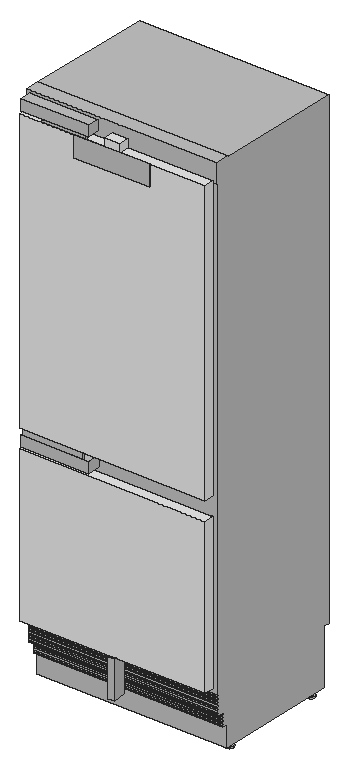
Revit family "FP_Revit_18_RS3084WLU1_Fridge_90001081A", category Specialty Equipment, Revit 2018
Family settings
  Round Connector Dimension = Use Diameter
  Part Type = Normal
  OmniClass Number = 23.40.40.11.11
  OmniClass Title = Refrigerators and Freezers
  Work Plane-Based = No
  Always vertical = Yes
  Cut with Voids When Loaded = Yes
  Shared = No
  Room Calculation Point = No
Parameters (values of type "RS3084WLU1")
  Visibility - Water Connection = yes
  Visibility - Visibility Control Note = yes
  Visibility - Clearance Required = yes
  URL = "www.fisherpaykel.com"
  Stainless Steel Door Panels (RD3084WLD) = no
  Product - Width = 756 mm  # constant formula
  Product - Height = 2134 mm  # constant formula
  Product - Depth (exl front panel) = 610 mm  # constant formula
  Model = "RS3084WLU1"
  Material - Handle = Fisher & Paykel - Aluminium
  Material - Door Structure = Fisher & Paykel - White
  Material - Door Front = Fisher & Paykel - Stainless Steel
  Material - Body = Fisher & Paykel - Grey
  Manufacturer = "Fisher & Paykel Appliances"
  Handle Style - Professional Square (AHV2RD3084W) = no
  Handle Style - Professional Round Flush (AHP3RD3084W) = no
  Handle Style - Professional Round (AHCRD3084W) = no
  Handle Style - Contemporary Square Fine Black (AHD5RD3084WB) = no
  Handle Style - Contemporary Square Fine (AHD5RD3084W) = no
  Handle Style - Contemporary Square (AHD3RD3084W) = no
  Handle Style - Contemporary Round (AHSRD3084W) = no
  Description = "30\" Integrated Column Freezer with internal Ice & Water, White Interior"
  Connector Description - Water = "1/4\" (6mm) comp. stainless steel braided hose"
  Connector Description - Electrical = "120 V, 10 amp fused electrical supply"
  Cavity - Width = 762 mm  # constant formula
  Cavity - Height = 2134 mm  # constant formula
  Cavity - Depth = 635 mm  # constant formula
Reference planes
  plane 1 "Datum": y = 0
  plane 2: z = 0
  plane 3 "Center (Left/Right)": x = 0
  plane 4 "Product LHS": x = -378
  plane 5 "Product RHS": x = 378
  plane 6 "Product - Depth": y = 610
  plane 7 "Cavity LHS": x = -381
  plane 8 "Cavity RHS": x = 381
  plane 9 "Cavity - Depth": y = 635
  plane 10 "Handle Offset": x = 315
  plane 11 "Product Height": z = 2134
  plane 12 "Cavity Height": z = 2134
  plane 13 "Door Panel Datum": y = -4.1
Forms (mm)
  Extrusion 1, solid, material "Fisher & Paykel - Grey" <- "Material - Body", detail levels fine
    sketch origin (0, 0, 0) x (0, 1, 0) y (0, 0, 1)
      loop
        line (100.1, 19.1) -> (587.9, 19.1) -> (587.9, 239.7) -> (610, 239.7) -> (610, 2132.3) -> (105.1, 2132.3) -> (105.1, 2134) -> (49.9, 2134) -> (49.9, 2059) -> (56, 2059) -> (56, 228.6) -> (59.5, 228.6) -> (59.5, 219.7) -> (56.5, 219.7) -> (56.5, 215.9) -> (59.5, 215.9) -> (59.5, 207) -> (56.5, 207) -> (56.5, 203.2) -> (59.5, 203.2) -> (59.5, 194.3) -> (56.5, 194.3) -> (56.5, 190.5) -> (59.5, 190.5) -> (59.5, 181.6) -> (56.5, 181.6) -> (56.5, 177.8) -> (59.5, 177.8) -> (59.5, 168.9) -> (56.5, 168.9) -> (56.5, 165.1) -> (59.5, 165.1) -> (59.5, 156.2) -> (56.5, 156.2) -> (56.5, 152.4) -> (84.1, 152.4) -> (84.1, 143.5) -> (81.1, 143.5) -> (81.1, 139.7) -> (84.1, 139.7) -> (84.1, 130.8) -> (81.1, 130.8) -> (81.1, 127) -> (84.1, 127) -> (84.1, 118.1) -> (81.1, 118.1) -> (81.1, 114.3) -> (84.1, 114.3) -> (84.1, 105.4) -> (81.1, 105.4) -> (81.1, 101.6) -> (100.1, 101.6) -> (100.1, 19.1)
    from -378 to 378
  Extrusion 2, solid, material "Fisher & Paykel - Grey" <- "Material - Body"
    sketch origin (0, 0, 0) x (1, 0, 0) y (0, 1, 0)
      loop
        circle (-357.5, 547.8) r 4.1
      loop
        circle (-357.5, 141.8) r 4.1
      loop
        circle (357.5, 547.8) r 4.1
      loop
        circle (357.5, 141.8) r 4.1
    from 3 to 19.1
  Extrusion 3, solid, material "Fisher & Paykel - Grey" <- "Material - Body"
    sketch origin (0, 0, 0) x (1, 0, 0) y (0, 1, 0)
      loop
        circle (-357.5, 547.8) r 14.5
      loop
        circle (-357.5, 141.8) r 14.555
      loop
        circle (357.5, 547.8) r 14.5
      loop
        circle (357.5, 141.8) r 14.555
    from 0 to 3
  Extrusion 4, solid, material "Fisher & Paykel - Grey" <- "Material - Body", detail levels fine
    sketch origin (0, 0, 0) x (1, 0, 0) y (0, 1, 0)
      loop
        line (-7.5, 49) -> (-13.797, -4.1) -> (13.797, -4.1) -> (7.5, 49) -> (-7.5, 49)
    from 104.2 to 253.8
  Extrusion 5, solid, material "Fisher & Paykel - Grey" <- "Material - Body", detail levels fine
    sketch origin (0, 0, 0) x (0, 1, 0) y (0, 0, 1)
      loop
        line (0, 2070.6) -> (0, 1988.6) -> (2, 1988.6) -> (2, 2068.6) -> (4, 2068.6) -> (4, 2070.6) -> (0, 2070.6)
    from -150 to 150
  Extrusion 6, solid, material "Fisher & Paykel - Grey" <- "Material - Body"
    sketch origin (0, 0, 0) x (1, 0, 0) y (0, 0, 1)
      loop
        circle (303, 119.813) r 5
      loop
        circle (-303, 119.813) r 5
    from -590 to -587.9
  Extrusion 7, solid, material "Fisher & Paykel - White" <- "Material - Door Structure"
    sketch origin (0, 0, 0) x (1, 0, 0) y (0, 1, 0)
      loop
        line (-353, 56) -> (-353, 42) -> (353, 42) -> (353, 56) -> (-353, 56)
    from 951.3 to 2030.7
  Extrusion 8, solid, material "Fisher & Paykel - White" <- "Material - Door Structure"
    sketch origin (0, 0, 0) x (1, 0, 0) y (0, 1, 0)
      loop
        line (-369.4, 42) -> (-369.4, 3) -> (369.4, 3) -> (369.4, 42) -> (-369.4, 42)
    from 943.8 to 2068.6
  Extrusion 9, solid, material "Fisher & Paykel - White" <- "Material - Door Structure", detail levels fine
    sketch origin (0, 0, 0) x (1, 0, 0) y (0, 0, 1)
      loop
        line (-29.5, 2100.1) -> (-29.5, 2068.6) -> (29.5, 2068.6) -> (29.5, 2100.1) -> (-29.5, 2100.1)
    from -42 to -3
  Extrusion 10, solid, material "Fisher & Paykel - Stainless Steel" <- "Material - Door Front", visible <- "Stainless Steel Door Panels (RD3084WLD)"
    sketch origin (0, 0, 0) x (0, 1, 0) y (0, 0, 1)
      loop
        line (-22.1, 2130.8) -> (-22.1, 876.3) -> (-4.1, 876.3) -> (-4.1, 2130.8) -> (-22.1, 2130.8)
      loop
        line (-22.1, 102) -> (-4.1, 102) -> (-4.1, 873.1) -> (-22.1, 873.1) -> (-22.1, 102)
    from -378 to 378
  Extrusion 11, solid, material "Fisher & Paykel - Grey" <- "Material - Body", detail levels coarse+medium
    sketch origin (0, 0, 0) x (0, 1, 0) y (0, 0, 1)
      loop
        line (49.9, 2134) -> (49.9, 2059) -> (56, 2059) -> (56, 152.4) -> (81.1, 152.4) -> (81.1, 101.6) -> (100.1, 101.6) -> (100.1, 19.1) -> (587.9, 19.1) -> (587.9, 239.7) -> (610, 239.7) -> (610, 2134) -> (49.9, 2134)
    from -378 to 378
  Extrusion 12, solid, material "Fisher & Paykel - Grey" <- "Material - Body", detail levels fine
    sketch origin (0, 0, 0) x (-1, 0, 0) y (0, 0, -1)
      loop
        line (366.4, -877.25) -> (95.42, -877.25) -> (95.42, -919.35) -> (366.4, -919.35) -> (366.4, -877.25)
    from -56 to -2.5
  Extrusion 13, solid, material "Fisher & Paykel - Grey" <- "Material - Body", detail levels fine
    sketch origin (0, 0, 0) x (-1, 0, 0) y (0, 0, -1)
      loop
        line (366.4, -2123.15) -> (366.4, -2081.05) -> (95.42, -2081.05) -> (95.42, -2123.15) -> (366.4, -2123.15)
    from -49 to -2.5
  Extrusion 14, solid, material "Fisher & Paykel - Grey" <- "Material - Body", detail levels fine
    sketch origin (0, 0, -4) x (0, 1, 0) y (0, 0, 1)
      loop
        arc (163.888, 23.1) -> (180.4, 13.63) -> (196.912, 23.1) r 19.13
        line (196.912, 23.1) -> (163.888, 23.1)
      loop
        arc (493.888, 23.1) -> (510.4, 13.63) -> (526.912, 23.1) r 19.13
        line (526.912, 23.1) -> (493.888, 23.1)
    from 191 to 219
  Extrusion 15, solid, material "Fisher & Paykel - Grey" <- "Material - Body", detail levels fine
    sketch origin (0, 0, -4) x (0, 1, 0) y (0, 0, -1)
      loop
        line (163.888, -23.1) -> (196.912, -23.1)
        arc (196.912, -23.1) -> (180.4, -13.63) -> (163.888, -23.1) r 19.13
      loop
        line (493.888, -23.1) -> (526.912, -23.1)
        arc (526.912, -23.1) -> (510.4, -13.63) -> (493.888, -23.1) r 19.13
    from 191 to 219
  Extrusion 16, solid, material "Fisher & Paykel - Clearance Required", visible <- "Visibility - Clearance Required", detail levels coarse
    sketch origin (0, 0, 0) x (1, 0, 0) y (0, 1, 0)
      loop
        line (-381, 635) -> (-381, -4.1) -> (381, -4.1) -> (381, 635) -> (-381, 635)
    from 0 to 2134
  Extrusion 17, void
    sketch origin (0, 0, 0) x (1, 0, 0) y (0, 1, 0)
      loop
        line (-381, 635) -> (-381, -22.1) -> (381, -22.1) -> (381, 635) -> (-381, 635)
    from 0 to 2134
  Extrusion 18, solid, material "Fisher & Paykel - Grey" <- "Material - Body", detail levels fine
    sketch origin (0, 0, 0) x (-1, 0, 0) y (0, 0, -1)
      loop
        line (118.4, -943.8) -> (359.4, -943.8) -> (359.4, -919.35) -> (118.4, -919.35) -> (118.4, -943.8)
      loop
        line (106, -2081.05) -> (242.9, -2081.05) -> (282.9, -2076.05) -> (282.9, -2068.6) -> (106, -2068.6) -> (106, -2081.05)
    from -7 to -4
  Extrusion 19, solid, material "Fisher & Paykel - White" <- "Material - Door Structure"
    sketch origin (0, 0, 0) x (1, 0, 0) y (0, 1, 0)
      loop
        line (-369.4, 42) -> (-369.4, 3) -> (369.4, 3) -> (369.4, 42) -> (-369.4, 42)
    from 253.8 to 868.15
  Extrusion 20, solid, material "Fisher & Paykel - White" <- "Material - Door Structure"
    sketch origin (0, 0, 0) x (1, 0, 0) y (0, 1, 0)
      loop
        line (-353, 56) -> (-353, 42) -> (353, 42) -> (353, 56) -> (-353, 56)
    from 269.2 to 858.13
  Extrusion 21, solid, material "Fisher & Paykel - Clearance Required", visible <- "Visibility - Clearance Required", detail levels coarse
    sketch origin (0, 0, 0) x (0, 1, 0) y (0, 0, 1)
      loop
        line (-422.1, 873.1) -> (-422.1, 818.896) -> (-482.1, 818.896) -> (-482.1, 781.896) -> (-422.1, 781.896) -> (-422.1, 101.6) -> (-22.1, 101.6) -> (-22.1, 873.1) -> (-422.1, 873.1)
    from -381 to 381
  Extrusion 22, solid, material "Fisher & Paykel - Clearance Required", visible <- "Visibility - Clearance Required", detail levels coarse
    sketch origin (0, -0.697, 0) x (-1, 0, 0) y (0, -1, 0)
      loop
        line (301.5, 21.403) -> (378, 21.403)
        arc (378, 21.403) -> (380.992, 56.377) -> (415.915, 59.919) r 27.5
        line (415.915, 59.919) -> (697.006, 664.698) -> (723.252, 652.5)
        arc (723.252, 652.5) -> (747.815, 661.439) -> (738.875, 686.002) r 18.483
        line (738.875, 686.002) -> (712.602, 698.253) -> (734.604, 745.593)
        arc (734.604, 745.593) -> (-22.015, 691.254) -> (-378, 21.403) r 783.517
        line (-378, 21.403) -> (301.5, 21.403)
    from 876.3 to 2134
Lines and regions (mm)
  model lines, style "Fisher & Paykel"
    curve 1: line (-378, -4.1, 2130.8) -> (378, -4.1, 2130.8)
    curve 2: line (-378, -4.1, 876.3) -> (-378, -4.1, 2130.8)
    curve 3: line (378, -4.1, 876.3) -> (-378, -4.1, 876.3)
    curve 4: line (378, -4.1, 2130.8) -> (378, -4.1, 876.3)
    curve 5: line (378, -4.1, 873.1) -> (-378, -4.1, 873.1)
    curve 6: line (378, -4.1, 102) -> (378, -4.1, 873.1)
    curve 7: line (-378, -4.1, 102) -> (378, -4.1, 102)
    curve 8: line (-378, -4.1, 873.1) -> (-378, -4.1, 102)
Text (mm)
  text "Due to ongoing product development, product details are subject to change without notice. \nPlease always refer to www.fisherpaykel.com for the most current product information. \n© Fisher & Paykel 2020" at (41.04, -878.295, 0), in view "Ref. Level (Plan)"
Dimensions and locks
  equal spacing: plane 4 "Product LHS", plane 3 "Center (Left/Right)", plane 5 "Product RHS"
  "Product - Width": plane 4 "Product LHS" to plane 5 "Product RHS"
  "Product - Depth (exl front panel)": plane 1 "Datum" to plane 6 "Product - Depth"
  equal spacing: plane 7 "Cavity LHS", plane 3 "Center (Left/Right)", plane 8 "Cavity RHS"
  "Cavity - Width": plane 7 "Cavity LHS" to plane 8 "Cavity RHS"
  "Cavity - Depth": plane 9 "Cavity - Depth" to plane 1 "Datum"
  plane 4 "Product LHS" to Extrusion 2 sketch curve = 24.6 mm
  plane 4 "Product LHS" to plane 10 "Handle Offset" = 693 mm
  Extrusion 6 sketch curve to Extrusion 1 = 119.887 mm  (x2)
  Extrusion 6 sketch curve to plane 5 "Product RHS" = 75 mm
  plane 4 "Product LHS" to Extrusion 6 sketch curve = 75 mm
  Extrusion 1 sketch curve to Extrusion 1 sketch curve = 82.5 mm
  Extrusion 1 sketch curve to Extrusion 1 sketch curve = 209.5 mm
  Extrusion 1 sketch curve to Extrusion 1 sketch curve = 220.6 mm
  Extrusion 3 to level = 3 mm
  Extrusion 11 to Extrusion 8 = 924.7 mm
  Extrusion 11 to Extrusion 7 = 932.2 mm
  Extrusion 11 to Extrusion 11 = 2114.9 mm
  Extrusion 11 to Extrusion 10 = 82.9 mm
  "Product - Height": level to plane 11 "Product Height"
  plane 11 "Product Height" to Extrusion 10 = 3.2 mm
  Extrusion 8 to plane 11 "Product Height" = 65.4 mm
  Extrusion 7 to plane 11 "Product Height" = 103.3 mm
  Extrusion 11 sketch curve to plane 11 "Product Height" = 75 mm
  Extrusion 1 sketch curve to plane 11 "Product Height" = 1.7 mm
  Extrusion 1 sketch curve to plane 11 "Product Height" = 75 mm
  "Cavity - Height": plane 12 "Cavity Height" to level
  plane 1 "Datum" to Extrusion 16 = 635 mm
  plane 1 "Datum" to Extrusion 17 = 635 mm
  Extrusion 18 sketch curve to Extrusion 18 sketch curve = 40 mm
  Extrusion 18 sketch curve to Extrusion 18 sketch curve = 176.9 mm
  plane 3 "Center (Left/Right)" to Extrusion 18 sketch curve = 106 mm
  plane 3 "Center (Left/Right)" to Extrusion 18 sketch curve = 118.4 mm
  Extrusion 17 to level = 2134 mm
  Extrusion 1 to Extrusion 12 sketch curve = 282.58 mm
  Extrusion 1 to Extrusion 13 sketch curve = 282.58 mm
  radius of Extrusion 6 sketch curve = 5 mm
  aligned and locked: level to plane 2
  aligned and locked: Extrusion 10 to plane 5 "Product RHS"
  aligned and locked: plane 4 "Product LHS" to Extrusion 10
  aligned and locked: Extrusion 11 to plane 5 "Product RHS"
  aligned and locked: Extrusion 11 to plane 4 "Product LHS"
  aligned and locked: Extrusion 11 sketch curve to plane 11 "Product Height"
  aligned and locked: plane 11 "Product Height" to Extrusion 1 sketch curve
  aligned and locked: Extrusion 14 sketch curve to Extrusion 14 sketch curve
  aligned and locked: Extrusion 15 sketch curve to Extrusion 15 sketch curve
  aligned and locked: Extrusion 1 to plane 5 "Product RHS"
  aligned and locked: plane 4 "Product LHS" to Extrusion 1
  aligned and locked: nested 2 to plane 10 "Handle Offset"
  aligned and locked: nested 3 to plane 10 "Handle Offset"
  aligned and locked: nested 4 to plane 10 "Handle Offset"
  aligned and locked: nested 5 to plane 10 "Handle Offset"
  aligned and locked: nested 6 to plane 10 "Handle Offset"
  aligned and locked: nested 7 to plane 10 "Handle Offset"
  aligned and locked: nested 8 to plane 10 "Handle Offset"
Automatic sketch dimensions
  Extrusion 1 sketch curve to plane 6 "Product - Depth" = 0 mm
  Extrusion 1 sketch curve to Extrusion 1 sketch curve = 22.1 mm
  Extrusion 1 sketch curve to plane 1 "Datum" = 105.1 mm
  level to Extrusion 1 sketch curve = 19.1 mm
  Extrusion 1 sketch curve to plane 1 "Datum" = 100.1 mm
  Extrusion 1 sketch curve to Extrusion 1 sketch curve = 16 mm
  Extrusion 1 sketch curve to Extrusion 1 sketch curve = 0 mm  (x8)
  Extrusion 1 sketch curve to Extrusion 1 sketch curve = 3 mm  (x10)
  Extrusion 1 sketch curve to plane 1 "Datum" = 59.5 mm
  Extrusion 1 sketch curve to plane 1 "Datum" = 56 mm
  Extrusion 1 sketch curve to plane 1 "Datum" = 49.9 mm
  Extrusion 1 sketch curve to Extrusion 1 sketch curve = 3.8 mm  (x10)
  Extrusion 1 sketch curve to Extrusion 1 sketch curve = 8.9 mm  (x9)
  Extrusion 2 sketch curve to plane 4 "Product LHS" = 20.5 mm  (x2)
  plane 5 "Product RHS" to Extrusion 2 sketch curve = 20.5 mm  (x2)
  Extrusion 2 sketch curve to plane 1 "Datum" = 141.8 mm  (x2)
  Extrusion 2 sketch curve to plane 6 "Product - Depth" = 62.2 mm  (x2)
  Extrusion 3 sketch curve to plane 4 "Product LHS" = 20.5 mm  (x2)
  plane 5 "Product RHS" to Extrusion 3 sketch curve = 20.5 mm  (x2)
  Extrusion 3 sketch curve to plane 1 "Datum" = 141.8 mm  (x2)
  Extrusion 3 sketch curve to plane 6 "Product - Depth" = 62.2 mm  (x2)
  plane 1 "Datum" to Extrusion 4 sketch curve = 4.1 mm
  Extrusion 4 sketch curve to plane 3 "Center (Left/Right)" = 13.797 mm
  Extrusion 4 sketch curve to plane 3 "Center (Left/Right)" = 7.5 mm
  plane 3 "Center (Left/Right)" to Extrusion 4 sketch curve = 7.5 mm
  plane 3 "Center (Left/Right)" to Extrusion 4 sketch curve = 13.797 mm
  Extrusion 4 sketch curve to plane 1 "Datum" = 49 mm
  Extrusion 5 sketch curve to plane 1 "Datum" = 0 mm
  Extrusion 5 sketch curve to plane 1 "Datum" = 2 mm
  Extrusion 5 sketch curve to Extrusion 5 sketch curve = 2 mm  (x2)
  plane 11 "Product Height" to Extrusion 5 sketch curve = 145.4 mm
  plane 11 "Product Height" to Extrusion 5 sketch curve = 65.4 mm
  Extrusion 7 sketch curve to plane 4 "Product LHS" = 25 mm
  plane 5 "Product RHS" to Extrusion 7 sketch curve = 25 mm
  Extrusion 7 sketch curve to plane 1 "Datum" = 42 mm
  Extrusion 7 sketch curve to Extrusion 7 sketch curve = 14 mm
  Extrusion 8 sketch curve to plane 1 "Datum" = 3 mm
  Extrusion 8 sketch curve to plane 4 "Product LHS" = 8.6 mm
  plane 5 "Product RHS" to Extrusion 8 sketch curve = 8.6 mm
  Extrusion 8 sketch curve to Extrusion 8 sketch curve = 39 mm
  Extrusion 9 sketch curve to plane 3 "Center (Left/Right)" = 29.5 mm
  plane 3 "Center (Left/Right)" to Extrusion 9 sketch curve = 29.5 mm
  plane 11 "Product Height" to Extrusion 9 sketch curve = 65.4 mm
  Extrusion 9 sketch curve to Extrusion 9 sketch curve = 31.5 mm
  Extrusion 11 sketch curve to plane 6 "Product - Depth" = 0 mm
  Extrusion 11 sketch curve to plane 6 "Product - Depth" = 22.1 mm
  Extrusion 11 sketch curve to plane 1 "Datum" = 100.1 mm
  Extrusion 11 sketch curve to Extrusion 11 sketch curve = 19 mm
  Extrusion 11 sketch curve to plane 1 "Datum" = 56 mm
  Extrusion 11 sketch curve to plane 1 "Datum" = 49.9 mm
  level to Extrusion 11 sketch curve = 239.7 mm
  level to Extrusion 11 sketch curve = 152.4 mm
  Extrusion 11 sketch curve to Extrusion 11 sketch curve = 50.8 mm
  level to Extrusion 11 sketch curve = 19.1 mm
  plane 4 "Product LHS" to Extrusion 12 sketch curve = 11.6 mm
  Extrusion 12 sketch curve to level = 877.25 mm
  Extrusion 12 sketch curve to Extrusion 12 sketch curve = 42.1 mm
  plane 4 "Product LHS" to Extrusion 13 sketch curve = 11.6 mm
  Extrusion 13 sketch curve to plane 11 "Product Height" = 52.95 mm
  Extrusion 13 sketch curve to plane 11 "Product Height" = 10.85 mm
  level to Extrusion 14 sketch curve = 19.1 mm
  Extrusion 14 sketch curve to plane 1 "Datum" = 163.888 mm
  Extrusion 14 sketch curve to Extrusion 14 sketch curve = 16.512 mm  (x2)
  Extrusion 14 sketch curve to plane 6 "Product - Depth" = 116.112 mm
  Extrusion 14 sketch curve to Extrusion 14 sketch curve = 9.66 mm  (x2)
  level to Extrusion 15 sketch curve = 19.1 mm
  Extrusion 15 sketch curve to plane 1 "Datum" = 163.888 mm
  Extrusion 15 sketch curve to Extrusion 15 sketch curve = 16.512 mm  (x2)
  Extrusion 15 sketch curve to plane 6 "Product - Depth" = 116.112 mm
  Extrusion 15 sketch curve to Extrusion 15 sketch curve = 9.66 mm  (x2)
  Extrusion 16 sketch curve to plane 7 "Cavity LHS" = 0 mm
  Extrusion 16 sketch curve to plane 8 "Cavity RHS" = 0 mm
  Extrusion 16 sketch curve to plane 9 "Cavity - Depth" = 0 mm
  plane 1 "Datum" to Extrusion 16 sketch curve = 4.1 mm
  Extrusion 17 sketch curve to plane 7 "Cavity LHS" = 0 mm
  Extrusion 17 sketch curve to plane 8 "Cavity RHS" = 0 mm
  plane 9 "Cavity - Depth" to Extrusion 17 sketch curve = 0 mm
  plane 1 "Datum" to Extrusion 17 sketch curve = 22.1 mm
  plane 4 "Product LHS" to Extrusion 18 sketch curve = 18.6 mm
  Extrusion 18 sketch curve to level = 919.35 mm
  Extrusion 18 sketch curve to Extrusion 18 sketch curve = 24.45 mm
  Extrusion 18 sketch curve to plane 11 "Product Height" = 65.4 mm
  Extrusion 18 sketch curve to Extrusion 18 sketch curve = 7.45 mm
  Extrusion 18 sketch curve to Extrusion 18 sketch curve = 5 mm
  Extrusion 19 sketch curve to plane 1 "Datum" = 3 mm
  Extrusion 19 sketch curve to plane 4 "Product LHS" = 8.6 mm
  plane 5 "Product RHS" to Extrusion 19 sketch curve = 8.6 mm
  Extrusion 19 sketch curve to Extrusion 19 sketch curve = 39 mm
  Extrusion 20 sketch curve to plane 4 "Product LHS" = 25 mm
  plane 5 "Product RHS" to Extrusion 20 sketch curve = 25 mm
  Extrusion 20 sketch curve to plane 1 "Datum" = 42 mm
  Extrusion 20 sketch curve to Extrusion 20 sketch curve = 14 mm
  plane 1 "Datum" to Extrusion 21 sketch curve = 482.1 mm
  Extrusion 21 sketch curve to Extrusion 21 sketch curve = 60 mm
  Extrusion 21 sketch curve to Extrusion 21 sketch curve = 0 mm
  plane 1 "Datum" to Extrusion 21 sketch curve = 22.1 mm
  level to Extrusion 21 sketch curve = 101.6 mm
  Extrusion 21 sketch curve to Extrusion 21 sketch curve = 680.296 mm
  Extrusion 21 sketch curve to Extrusion 21 sketch curve = 37 mm
  Extrusion 21 sketch curve to Extrusion 21 sketch curve = 54.204 mm
  Extrusion 22 sketch curve to plane 5 "Product RHS" = 0 mm
  Extrusion 22 sketch curve to plane 1 "Datum" = 22.1 mm
  plane 4 "Product LHS" to Extrusion 22 sketch curve = 76.5 mm
  plane 4 "Product LHS" to Extrusion 22 sketch curve = 0 mm
  Extrusion 22 sketch curve to plane 7 "Cavity LHS" = 19.59 mm
  Extrusion 22 sketch curve to Extrusion 22 sketch curve = 4.816 mm
  Extrusion 22 sketch curve to Extrusion 22 sketch curve = 10.509 mm
  Extrusion 22 sketch curve to plane 7 "Cavity LHS" = 316.006 mm
  Extrusion 22 sketch curve to Extrusion 22 sketch curve = 15.596 mm
  Extrusion 22 sketch curve to Extrusion 22 sketch curve = 26.246 mm
  Extrusion 22 sketch curve to Extrusion 22 sketch curve = 7.811 mm  (x2)
  Extrusion 22 sketch curve to Extrusion 22 sketch curve = 22.003 mm
  Extrusion 22 sketch curve to Extrusion 22 sketch curve = 13.185 mm
  Extrusion 22 sketch curve to Extrusion 22 sketch curve = 2.497 mm
  Extrusion 22 sketch curve to Extrusion 22 sketch curve = 93.093 mm
  Extrusion 22 sketch curve to Extrusion 22 sketch curve = 16.751 mm
  Extrusion 22 sketch curve to Extrusion 22 sketch curve = 12.251 mm
  plane 11 "Product Height" to Extrusion 10 sketch curve = 3.2 mm
  plane 1 "Datum" to Extrusion 10 sketch curve = 22.1 mm
  plane 1 "Datum" to Extrusion 10 sketch curve = 4.1 mm  (x2)
  level to Extrusion 10 sketch curve = 102 mm
  Extrusion 10 sketch curve to Extrusion 10 sketch curve = 774.3 mm
  Extrusion 10 sketch curve to Extrusion 10 sketch curve = 3.2 mm
  Extrusion 10 sketch curve to Extrusion 10 sketch curve = 18 mm
  plane 5 "Product RHS" to curve 5 = 0 mm
  plane 5 "Product RHS" to curve 1 = 0 mm
  plane 4 "Product LHS" to curve 5 = 0 mm
  plane 4 "Product LHS" to curve 2 = 0 mm
  level to curve 6 = 102 mm
  curve 6 to curve 6 = 771.1 mm
  curve 5 to curve 2 = 3.2 mm
  plane 11 "Product Height" to curve 2 = 3.2 mm
  radius of Extrusion 2 sketch curve = 4.1 mm  (x3)
  radius of Extrusion 3 sketch curve = 14.5 mm  (x2)
  radius of Extrusion 3 sketch curve = 14.555 mm  (x2)
  radius of Extrusion 6 sketch curve = 5 mm
Nested families
  nested 1: "Visibility Control Note 18" at (0, 0, 0), visible <- "Visibility - Visibility Control Note", type "Visibility Control Note 18"
  nested 2: "Handle Contemporary Round - Vertical" at (315, -22.1, 1322.58), visible <- "Handle Style - Contemporary Round (AHSRD3084W)", type "AHSRD3084W - Contemporary round handle (1 of 2) (Vertical) 727mm"
  nested 3: "Handle Contemporary Square - Vertical" at (315, -22.1, 1322.58), visible <- "Handle Style - Contemporary Square (AHD3RD3084W)", type "AHD3RD3084W - Contemporary square handle (1 of 2) (Vertical) 727mm"
  nested 4: "F&P Handle Kit - Contemporary Square Fine - Vertical" at (315, -22.1, 1322.58), visible <- "Handle Style - Contemporary Square Fine Black (AHD5RD3084WB)", type "AHD5RD3084WB - Contemporary square fine black handle (1 of 2) (Vertical) 727mm"
  nested 5: "F&P Handle Kit - Contemporary Square Fine - Vertical" at (315, -22.1, 1322.58), visible <- "Handle Style - Contemporary Square Fine (AHD5RD3084W)", type "AHD5RD3084W - Contemporary square fine handle (1 of 2) (Vertical) 727mm"
  nested 6: "Handle Professional Round - Vertical" at (315, -22.1, 1322.58), visible <- "Handle Style - Professional Round (AHCRD3084W)", type "AHCRD3084W - Professional round handle (1 of 2) (Vertical) 661mm"
  nested 7: "Handle Professional Round Flush - Vertical" at (315, -22.1, 1322.58), visible <- "Handle Style - Professional Round Flush (AHP3RD3084W)", type "AHP3RD3084W - Professional round flush handle (1 of 2) (Vertical) 677mm"
  nested 8: "Handle Professional Square - Vertical" at (315, -22.1, 1322.58), visible <- "Handle Style - Professional Square (AHV2RD3084W)", type "AHV2RD3084W - Professional square handle (1 of 2) (Vertical) 727mm"
  nested 9: "Handle Contemporary Round - Horizontal" at (0, -22.1, 800.364), visible <- "Handle Style - Contemporary Round (AHSRD3084W)", type "AHSRD3084W - Contemporary round handle (2 of 2) (Horizontal) 646mm"
  nested 10: "Handle Contemporary Square - Horizontal" at (0, -22.1, 800.364), visible <- "Handle Style - Contemporary Square (AHD3RD3084W)", type "AHD3RD3084W - Contemporary square handle (2 of 2) (Horizontal) 646mm"
  nested 11: "F&P Handle Kit - Contemporary Square Fine - Horizontal" at (0, -22.1, 800.364), visible <- "Handle Style - Contemporary Square Fine Black (AHD5RD3084WB)", type "AHD5RD3084WB - Contemporary square fine black handle (2 of 2) (Horizontal) 646mm"
  nested 12: "Handle Professional Round - Horizontal" at (0, -22.1, 800.364), visible <- "Handle Style - Professional Round (AHCRD3084W)", type "AHCRD3084W - Professional round handle (2 of 2) (Horizontal) 580mm"
  nested 13: "Handle Professional Round Flush - Horizontal" at (0, -22.1, 800.364), visible <- "Handle Style - Professional Round Flush (AHP3RD3084W)", type "AHP3RD3084W - Professional round flush handle (2 of 2) (Horizontal) 596mm"
  nested 14: "Handle Professional Square - Horizontal" at (0, -22.1, 800.364), visible <- "Handle Style - Professional Square (AHV2RD3084W)", type "AHV2RD3084W - Professional square handle (2 of 2) (Horizontal) 586mm"
  nested 15: "F&P Handle Kit - Contemporary Square Fine - Horizontal" at (0, -22.1, 800.364), visible <- "Handle Style - Contemporary Square Fine (AHD5RD3084W)", type "AHD5RD3084W - Contemporary square fine handle (2 of 2) (Horizontal) 646mm"
Connectors
  electrical at (-303, 590, 119.813), driven by "Connector Description - Electrical"
    settings: on Extrusion 6, index 1, voltage 120 V, apparent load 0 VA, apparent load phase1 0 VA, apparent load phase2 0 VA, apparent load phase3 0 VA, power factor 1, load classification "Other", number of poles 1, system type 30, power factor state 1, is connector primary yes, connector utility no, sub classification motor no, connector description "120 V, 10 amp fused electrical supply"
  piping at (303, 590, 119.813), diameter 12.7, driven by "Visibility - Water Connection", driven by "Connector Description - Water"
    settings: on Extrusion 6, index 2, connector inside diameter 609.6 mm, connector length 0 mm, flow factor 0, pipe flow 0.0 L/s, pressure drop 0.0 Pa, fitting loss kfactor 0, connector angle 0.00°, fixture units 0, engagement length 0 mm, angle of deflection 0.00°, flow configuration 0, flow direction 1, fitting loss method 0, system type 20, joint type 0, gender type 0, connector reference index -1, connector utility 1, adjustable connector no, is connector primary yes, connector description "1/4\" (6mm) comp. stainless steel braided hose"
Definition of nested family "Handle Contemporary Round - Vertical"
  Parameters (values of type "AHSRS80A - Contemporary round handle (1 of 2) (Vertical) 727mm")
    URL = "www.fisherpaykel.com"
    Material - Handle = none
    Manufacturer = "Fisher & Paykel Appliances"
    Handle - Length = 727 mm
  Types (6, lengths in mm): name | Handle - Length
    AHS-RD21 - Contemporary round handle (Vertical) 852mm | 852
    AHSRD2484W - Contemporary round handle (1 of 2) (Vertical) 727mm | 727
    AHSRD3084W - Contemporary round handle (1 of 2) (Vertical) 727mm | 727
    AHS-RD84 - Contemporary round handle (Vertical) 852mm | 852
    AHSRS3272A - Contemporary round handle (1 of 2) (Vertical) 727mm | 727
    AHSRS80A - Contemporary round handle (1 of 2) (Vertical) 727mm | 727
  Reference planes
    plane 1 "Center (Front/Back)": y = 0
    plane 2: z = 0
    plane 3 "Center (Left/Right)": x = 0
    plane 4 "Top": z = 363.5
    plane 5 "Bottom": z = -363.5
    plane 6 "Top Standoff": z = 243.5
    plane 7 "Bottom Standoff": z = -243.5
  Forms (mm)
    Extrusion 1, solid, material <- "Material - Handle"
      sketch origin (0, 0, 0) x (1, 0, 0) y (0, 1, 0)
        loop
          circle (0, -32.3) r 8.7
      from -243.5 to 243.5
    Extrusion 2, solid, material <- "Material - Handle", detail levels fine
      sketch origin (0, 0, 0) x (1, 0, 0) y (0, 1, 0)
        loop
          line (-8.7, 0) -> (-8.7, -32.3)
          arc (-8.7, -32.3) -> (0, -41) -> (8.7, -32.3) r 8.7
          line (8.7, -32.3) -> (8.7, 0) -> (-8.7, 0)
      from 243.5 to 363.5
    Extrusion 3, solid, material <- "Material - Handle", detail levels fine
      sketch origin (0, 0, 0) x (1, 0, 0) y (0, 1, 0)
        loop
          line (-8.7, 0) -> (-8.7, -32.3)
          arc (-8.7, -32.3) -> (0, -41) -> (8.7, -32.3) r 8.7
          line (8.7, -32.3) -> (8.7, 0) -> (-8.7, 0)
      from -363.5 to -243.5
    Sweep 4, void
      path in 3D
        loop
          line (8.7, 0, -363.5) -> (8.7, -32.3, -363.5)
          arc (8.7, -32.3, -363.5) -> (0, -41, -363.5) -> (-8.7, -32.3, -363.5) r 8.7
          line (-8.7, -32.3, -363.5) -> (-8.7, 0, -363.5)
      profile origin (8.7, -16.15, -363.5) x (-1, 0, 0) y (0, 0, -1)
        loop
          line (0, 0) -> (0, -1) -> (1, 0) -> (0, 0)
    Sweep 5, void
      path in 3D
        loop
          line (-8.7, 0, 363.5) -> (-8.7, -32.3, 363.5)
          arc (-8.7, -32.3, 363.5) -> (0, -41, 363.5) -> (8.7, -32.3, 363.5) r 8.7
          line (8.7, -32.3, 363.5) -> (8.7, 0, 363.5)
      profile origin (8.7, -16.15, 363.5) x (-1, 0, 0) y (0, 0, 1)
        loop
          line (0, 0) -> (0, -1) -> (1, 0) -> (0, 0)
    Extrusion 6, solid, material <- "Material - Handle", detail levels coarse+medium
      sketch origin (0, 0, 0) x (1, 0, 0) y (0, 1, 0)
        loop
          line (-8.7, 0) -> (-8.7, -32.3)
          arc (-8.7, -32.3) -> (0, -41) -> (8.7, -32.3) r 8.7
          line (8.7, -32.3) -> (8.7, 0) -> (-8.7, 0)
      from 243.5 to 363.5
    Extrusion 7, solid, material <- "Material - Handle", detail levels coarse+medium
      sketch origin (0, 0, 0) x (1, 0, 0) y (0, 1, 0)
        loop
          line (-8.7, 0) -> (-8.7, -32.3)
          arc (-8.7, -32.3) -> (0, -41) -> (8.7, -32.3) r 8.7
          line (8.7, -32.3) -> (8.7, 0) -> (-8.7, 0)
      from -363.5 to -243.5
  Cuts and joins
    Sweep 4 cuts Extrusion 3
    Sweep 5 cuts Extrusion 2
  Lines and regions (mm)
    sketch lines
      curve 1: line (8.7, 0, -363.5) -> (8.7, -32.3, -363.5)
      curve 2: arc (-8.7, -32.3, -363.5) -> (0, -41, -363.5) -> (8.7, -32.3, -363.5) r 8.7
      curve 3: line (-8.7, -32.3, -363.5) -> (-8.7, 0, -363.5)
      curve 4: line (8.7, -32.3, 363.5) -> (8.7, 0, 363.5)
      curve 5: arc (8.7, -32.3, 363.5) -> (0, -41, 363.5) -> (-8.7, -32.3, 363.5) r 8.7
      curve 6: line (-8.7, 0, 363.5) -> (-8.7, -32.3, 363.5)
  Dimensions and locks
    equal spacing: plane 4 "Top", level, plane 5 "Bottom"
    "Handle - Length": plane 4 "Top" to plane 5 "Bottom"
    locked: plane 4 "Top" to plane 6 "Top Standoff" at 120
    locked: plane 7 "Bottom Standoff" to plane 5 "Bottom" at 120
    Extrusion 2 sketch curve to Extrusion 2 sketch curve = 17.4 mm
    Extrusion 3 sketch curve to Extrusion 3 sketch curve = 17.4 mm
    Extrusion 6 sketch curve to Extrusion 6 sketch curve = 17.4 mm
    Extrusion 7 sketch curve to Extrusion 7 sketch curve = 17.4 mm
    aligned and locked: level to plane 2
    aligned and locked: plane 4 "Top" to Extrusion 2
    aligned and locked: Extrusion 3 to plane 5 "Bottom"
    aligned and locked: plane 7 "Bottom Standoff" to Extrusion 3
    aligned and locked: Extrusion 1 to plane 7 "Bottom Standoff"
    aligned and locked: plane 6 "Top Standoff" to Extrusion 1
    aligned and locked: Extrusion 2 to Extrusion 1
    aligned and locked: Extrusion 6 to Extrusion 1
    aligned and locked: plane 4 "Top" to Extrusion 6
    aligned and locked: Extrusion 7 to Extrusion 1
    aligned and locked: Extrusion 7 to plane 5 "Bottom"
  Automatic sketch dimensions
    Extrusion 1 sketch curve to plane 3 "Center (Left/Right)" = 0 mm
    plane 1 "Center (Front/Back)" to Extrusion 1 sketch curve = 32.3 mm
    plane 1 "Center (Front/Back)" to Extrusion 2 sketch curve = 0 mm
    Extrusion 2 sketch curve to plane 3 "Center (Left/Right)" = 0 mm
    Extrusion 2 sketch curve to plane 3 "Center (Left/Right)" = 8.7 mm
    plane 1 "Center (Front/Back)" to Extrusion 2 sketch curve = 32.3 mm
    plane 1 "Center (Front/Back)" to Extrusion 3 sketch curve = 0 mm
    Extrusion 3 sketch curve to plane 3 "Center (Left/Right)" = 0 mm
    Extrusion 3 sketch curve to plane 3 "Center (Left/Right)" = 8.7 mm
    plane 1 "Center (Front/Back)" to Extrusion 3 sketch curve = 32.3 mm
    Sweep 4 sketch curve to profile plane = 0 mm  (x2)
    Sweep 4 sketch curve to profile plane = 1 mm  (x2)
    Sweep 5 sketch curve to profile plane = 0 mm  (x2)
    Sweep 5 sketch curve to profile plane = 1 mm  (x2)
    Extrusion 6 sketch curve to plane 3 "Center (Left/Right)" = 0 mm
    Extrusion 6 sketch curve to plane 3 "Center (Left/Right)" = 8.7 mm
    plane 1 "Center (Front/Back)" to Extrusion 6 sketch curve = 32.3 mm
    Extrusion 6 sketch curve to Extrusion 6 sketch curve = 32.3 mm
    Extrusion 7 sketch curve to plane 3 "Center (Left/Right)" = 0 mm
    Extrusion 7 sketch curve to plane 3 "Center (Left/Right)" = 8.7 mm
    plane 1 "Center (Front/Back)" to Extrusion 7 sketch curve = 32.3 mm
    Extrusion 7 sketch curve to Extrusion 7 sketch curve = 32.3 mm
    radius of Extrusion 1 sketch curve = 8.7 mm
Definition of nested family "Handle Contemporary Square - Vertical"
  Parameters (values of type "AHD3RS80A - Contemporary square handle (1 of 2) (Vertical) 727mm")
    URL = "www.fisherpaykel.com"
    Material - Handle = none
    Manufacturer = "Fisher & Paykel Appliances"
    Handle - Length = 727 mm
  Types (7, lengths in mm): name | Handle - Length
    (no name) | 727
    AHD3-RD21 - Contemporary square handle (Vertical) 852mm | 852
    AHD3RD2484W - Contemporary square handle (1 of 2) (Vertical) 727mm | 727
    AHD3RD3084W - Contemporary square handle (1 of 2) (Vertical) 727mm | 727
    AHD3-RD84 - Contemporary square handle (Vertical) 852mm | 852
    AHD3RS3272A - Contemporary square handle (1 of 2) (Vertical) 727mm | 727
    AHD3RS80A - Contemporary square handle (1 of 2) (Vertical) 727mm | 727
  Reference planes
    plane 1 "Center (Front/Back)": y = 0
    plane 2: z = 0
    plane 3 "Center (Left/Right)": x = 0
    plane 4 "Top": z = 363.5
    plane 5 "Bottom": z = -363.5
    plane 6 "Top Standoff": z = 243.5
    plane 7 "Bottom Standoff": z = -243.5
  Forms (mm)
    Extrusion 1, solid, material <- "Material - Handle", detail levels fine
      sketch origin (0, 0, 0) x (1, 0, 0) y (0, 1, 0)
        loop
          arc (-7.583, -28.701) -> (-7.89, -29.057) -> (-8, -29.514) r 1
          line (-8, -29.514) -> (-8, -40.5)
          arc (-8, -40.5) -> (-7.561, -41.561) -> (-6.5, -42) r 1.5
          line (-6.5, -42) -> (6.5, -42)
          arc (6.5, -42) -> (7.561, -41.561) -> (8, -40.5) r 1.5
          line (8, -40.5) -> (8, -29.487)
          arc (8, -29.487) -> (7.889, -29.029) -> (7.58, -28.673) r 1
          arc (7.58, -28.673) -> (-0.006, -26.256) -> (-7.583, -28.701) r 13.038
      from -363.5 to 363.5
    Extrusion 2, solid, material <- "Material - Handle", detail levels fine
      sketch origin (0, 0, 0) x (1, 0, 0) y (0, 1, 0)
        loop
          arc (7.058, -28.23) -> (7.466, -28.244) -> (7.674, -27.893) r 0.4
          line (7.674, -27.893) -> (7.674, 0) -> (-7.674, 0) -> (-7.674, -27.86)
          arc (-7.674, -27.86) -> (-7.467, -28.21) -> (-7.06, -28.198) r 0.4
          arc (-7.06, -28.198) -> (0.004, -26.156) -> (7.058, -28.23) r 13.136
      from 243.5 to 363.5
    Extrusion 3, solid, material <- "Material - Handle", detail levels fine
      sketch origin (0, 0, 0) x (1, 0, 0) y (0, 1, 0)
        loop
          arc (7.058, -28.23) -> (7.466, -28.244) -> (7.674, -27.893) r 0.4
          line (7.674, -27.893) -> (7.674, 0) -> (-7.674, 0) -> (-7.674, -27.86)
          arc (-7.674, -27.86) -> (-7.467, -28.21) -> (-7.06, -28.198) r 0.4
          arc (-7.06, -28.198) -> (0.004, -26.156) -> (7.058, -28.23) r 13.136
      from -363.5 to -243.5
    Sweep 4, void
      path in 3D
        loop
          line (-8, -29.514, 363.5) -> (-8, -40.5, 363.5)
          arc (-8, -40.5, 363.5) -> (-7.561, -41.561, 363.5) -> (-6.5, -42, 363.5) r 1.5
          line (-6.5, -42, 363.5) -> (6.5, -42, 363.5)
          arc (6.5, -42, 363.5) -> (7.561, -41.561, 363.5) -> (8, -40.5, 363.5) r 1.5
          line (8, -40.5, 363.5) -> (8, -29.487, 363.5)
      profile origin (8, -34.994, 363.5) x (-1, 0, 0) y (0, 0, 1)
        loop
          line (0, 0) -> (0, -1.3) -> (1.3, 0) -> (0, 0)
    Sweep 5, void
      path in 3D
        loop
          line (8, -29.487, -363.5) -> (8, -40.5, -363.5)
          arc (8, -40.5, -363.5) -> (7.561, -41.561, -363.5) -> (6.5, -42, -363.5) r 1.5
          line (6.5, -42, -363.5) -> (-6.5, -42, -363.5)
          arc (-6.5, -42, -363.5) -> (-7.561, -41.561, -363.5) -> (-8, -40.5, -363.5) r 1.5
          line (-8, -40.5, -363.5) -> (-8, -29.514, -363.5)
      profile origin (8, -34.994, -363.5) x (-1, 0, 0) y (0, 0, -1)
        loop
          line (0, 0) -> (0, -1.3) -> (1.3, 0) -> (0, 0)
    Extrusion 6, void
      sketch origin (0, 0, 0) x (1, 0, 0) y (0, 0, 1)
        loop
          line (-8, -362.2) -> (-8, -363.5) -> (-6.7, -363.5) -> (-8, -362.2)
        loop
          line (8, -362.2) -> (6.7, -363.5) -> (8, -363.5) -> (8, -362.2)
      from 0 to 40
    Extrusion 7, void
      sketch origin (0, 0, 0) x (1, 0, 0) y (0, 0, 1)
        loop
          line (-8, 363.5) -> (-8, 362.2) -> (-6.7, 363.5) -> (-8, 363.5)
        loop
          line (8, 363.5) -> (6.7, 363.5) -> (8, 362.2) -> (8, 363.5)
      from 0 to 40
    Extrusion 8, solid, material <- "Material - Handle", detail levels coarse+medium
      sketch origin (0, 0, 0) x (0, 1, 0) y (0, 0, 1)
        loop
          line (0, 363.5) -> (-42, 363.5) -> (-42, -363.5) -> (0, -363.5) -> (0, -243.5) -> (-26.245, -243.5) -> (-26.245, 243.5) -> (0, 243.5) -> (0, 363.5)
      from -8 to 8
  Cuts and joins
    Sweep 4, Sweep 5, Extrusion 6, Extrusion 7 cuts Extrusion 1
    Extrusion 6 cuts Extrusion 3
    Extrusion 7 cuts Extrusion 2
  Lines and regions (mm)
    sketch lines
      curve 1: line (8, -40.5, 363.5) -> (8, -29.487, 363.5)
      curve 2: arc (8, -40.5, 363.5) -> (7.561, -41.561, 363.5) -> (6.5, -42, 363.5) r 1.5
      curve 3: line (-6.5, -42, 363.5) -> (6.5, -42, 363.5)
      curve 4: arc (-6.5, -42, 363.5) -> (-7.561, -41.561, 363.5) -> (-8, -40.5, 363.5) r 1.5
      curve 5: line (-8, -29.514, 363.5) -> (-8, -40.5, 363.5)
      curve 6: line (8, -29.487, -363.5) -> (8, -40.5, -363.5)
      curve 7: arc (6.5, -42, -363.5) -> (7.561, -41.561, -363.5) -> (8, -40.5, -363.5) r 1.5
      curve 8: line (6.5, -42, -363.5) -> (-6.5, -42, -363.5)
      curve 9: arc (-8, -40.5, -363.5) -> (-7.561, -41.561, -363.5) -> (-6.5, -42, -363.5) r 1.5
      curve 10: line (-8, -40.5, -363.5) -> (-8, -29.514, -363.5)
  Dimensions and locks
    equal spacing: plane 4 "Top", level, plane 5 "Bottom"
    "Handle - Length": plane 4 "Top" to plane 5 "Bottom"
    locked: plane 4 "Top" to plane 6 "Top Standoff" at 120
    locked: plane 7 "Bottom Standoff" to plane 5 "Bottom" at 120
    aligned and locked: level to plane 2
    aligned and locked: plane 4 "Top" to Extrusion 2
    aligned and locked: Extrusion 2 to plane 6 "Top Standoff"
    aligned and locked: plane 4 "Top" to Extrusion 1
    aligned and locked: Extrusion 1 to plane 5 "Bottom"
    aligned and locked: Extrusion 3 to plane 5 "Bottom"
    aligned and locked: plane 7 "Bottom Standoff" to Extrusion 3
    aligned and locked: plane 4 "Top" to Extrusion 8 sketch curve
    aligned and locked: plane 6 "Top Standoff" to Extrusion 8 sketch curve
    aligned and locked: plane 7 "Bottom Standoff" to Extrusion 8 sketch curve
    aligned and locked: plane 5 "Bottom" to Extrusion 8 sketch curve
    aligned and locked: plane 1 "Center (Front/Back)" to Extrusion 8 sketch curve  (x2)
  Automatic sketch dimensions
    Extrusion 1 sketch curve to plane 3 "Center (Left/Right)" = 8 mm
    Extrusion 1 sketch curve to Extrusion 1 sketch curve = 1 mm  (x2)
    Extrusion 1 sketch curve to Extrusion 1 sketch curve = 1.5 mm
    plane 3 "Center (Left/Right)" to Extrusion 1 sketch curve = 0.018 mm
    plane 3 "Center (Left/Right)" to Extrusion 1 sketch curve = 6.5 mm
    plane 3 "Center (Left/Right)" to Extrusion 1 sketch curve = 7 mm
    plane 1 "Center (Front/Back)" to Extrusion 1 sketch curve = 42 mm
    Extrusion 1 sketch curve to Extrusion 1 sketch curve = 1.206 mm
    Extrusion 1 sketch curve to Extrusion 1 sketch curve = 10.986 mm
    Extrusion 1 sketch curve to Extrusion 1 sketch curve = 11.013 mm
    Extrusion 1 sketch curve to Extrusion 1 sketch curve = 0 mm
    plane 1 "Center (Front/Back)" to Extrusion 2 sketch curve = 0 mm
    Extrusion 2 sketch curve to plane 3 "Center (Left/Right)" = 7.674 mm
    Extrusion 2 sketch curve to Extrusion 2 sketch curve = 0.4 mm  (x2)
    Extrusion 2 sketch curve to plane 3 "Center (Left/Right)" = 0.026 mm
    plane 3 "Center (Left/Right)" to Extrusion 2 sketch curve = 7.274 mm
    plane 1 "Center (Front/Back)" to Extrusion 2 sketch curve = 27.86 mm
    Extrusion 2 sketch curve to Extrusion 2 sketch curve = 0.033 mm
    Extrusion 2 sketch curve to Extrusion 2 sketch curve = 11.398 mm
    Extrusion 2 sketch curve to Extrusion 2 sketch curve = 0 mm
    plane 1 "Center (Front/Back)" to Extrusion 3 sketch curve = 0 mm
    Extrusion 3 sketch curve to Extrusion 3 sketch curve = 0.4 mm  (x2)
    Extrusion 3 sketch curve to Extrusion 3 sketch curve = 7.248 mm
    Extrusion 3 sketch curve to Extrusion 3 sketch curve = 7.3 mm
    plane 1 "Center (Front/Back)" to Extrusion 3 sketch curve = 27.86 mm
    Extrusion 3 sketch curve to Extrusion 3 sketch curve = 0.033 mm
    Extrusion 3 sketch curve to Extrusion 3 sketch curve = 11.398 mm
    Extrusion 3 sketch curve to Extrusion 3 sketch curve = 0 mm
    Sweep 4 sketch curve to profile plane = 0 mm  (x2)
    Sweep 4 sketch curve to profile plane = 1.3 mm  (x2)
    Sweep 5 sketch curve to profile plane = 0 mm  (x2)
    Sweep 5 sketch curve to profile plane = 1.3 mm  (x2)
    Extrusion 6 sketch curve to plane 5 "Bottom" = 0 mm  (x2)
    plane 5 "Bottom" to Extrusion 6 sketch curve = 1.3 mm  (x2)
    Extrusion 6 sketch curve to plane 3 "Center (Left/Right)" = 8 mm
    Extrusion 6 sketch curve to Extrusion 6 sketch curve = 1.3 mm  (x2)
    plane 3 "Center (Left/Right)" to Extrusion 6 sketch curve = 8 mm
    Extrusion 7 sketch curve to plane 4 "Top" = 0 mm  (x2)
    Extrusion 7 sketch curve to plane 3 "Center (Left/Right)" = 8 mm
    Extrusion 7 sketch curve to Extrusion 7 sketch curve = 1.3 mm  (x2)
    plane 3 "Center (Left/Right)" to Extrusion 7 sketch curve = 8 mm
    Extrusion 7 sketch curve to plane 4 "Top" = 1.3 mm  (x2)
    plane 1 "Center (Front/Back)" to Extrusion 8 sketch curve = 26.245 mm
    plane 1 "Center (Front/Back)" to Extrusion 8 sketch curve = 42 mm
    Extrusion 3 sketch curve to plane 3 "Center (Left/Right)" = 7.674 mm
Definition of nested family "F&P Handle Kit - Contemporary Square Fine - Vertical"
  Parameters (values of type "AHD5RD90AB - Contemporary square fine black handle (1 of 2) (Vertical) 727mm")
    URL = "www.fisherpaykel.com"
    Material - Handle = none
    Manufacturer = "Fisher & Paykel Appliances"
    Handle - Length = 727 mm
  Types (14): name
    AHD5RD2484W - Contemporary square fine handle (1 of 2) (Vertical) 727mm
    AHD5RD2484WB - Contemporary square fine black handle (1 of 2) (Vertical) 727mm
    AHD5RD3084W - Contemporary square fine handle (1 of 2) (Vertical) 727mm
    AHD5RD3084WB - Contemporary square fine black handle (1 of 2) (Vertical) 727mm
    AHD5RD6121W - Contemporary square fine handle (1 of 2) (Vertical) 727mm
    AHD5RD6121WB - Contemporary square fine black handle (1 of 2) (Vertical) 727mm
    AHD5RD7621W - Contemporary square fine handle (1 of 2) (Vertical) 727mm
    AHD5RD7621WB - Contemporary square fine black handle (1 of 2) (Vertical) 727mm
    AHD5RD36A - Contemporary square fine handle (1 of 2) (Vertical) 727mm
    AHD5RD36AB - Contemporary square fine black handle (1 of 2) (Vertical) 727mm
    AHD5RD80A - Contemporary square fine handle (1 of 2) (Vertical) 727mm
    AHD5RD90A - Contemporary square fine handle (1 of 2) (Vertical) 727mm
    AHD5RD80AB - Contemporary square fine black handle (1 of 2) (Vertical) 727mm
    AHD5RD90AB - Contemporary square fine black handle (1 of 2) (Vertical) 727mm
  Reference planes
    plane 1 "Center (Front/Back)": y = 0
    plane 2: z = 0
    plane 3 "Center (Left/Right)": x = 0
    plane 4 "Top": z = 363.5
    plane 5 "Bottom": z = -363.5
    plane 6 "Top Standoff": z = 243.5
    plane 7 "Bottom Standoff": z = -243.5
  Forms (mm)
    Extrusion 1, solid, material <- "Material - Handle", detail levels fine
      sketch origin (0, 0, 0) x (1, 0, 0) y (0, 1, 0)
        loop
          arc (-6.16, -26.813) -> (-6.554, -27.196) -> (-6.686, -27.728) r 1
          line (-6.686, -27.728) -> (-6.256, -40.035)
          arc (-6.256, -40.035) -> (-5.951, -40.719) -> (-5.257, -41) r 1
          line (-5.257, -41) -> (5.257, -41)
          arc (5.257, -41) -> (5.951, -40.719) -> (6.256, -40.035) r 1
          line (6.256, -40.035) -> (6.686, -27.709)
          arc (6.686, -27.709) -> (6.554, -27.175) -> (6.158, -26.792) r 1
          arc (6.158, -26.792) -> (-0.004, -25.256) -> (-6.16, -26.813) r 13.038
      from -363.5 to 363.5
    Extrusion 2, solid, material <- "Material - Handle", detail levels fine
      sketch origin (0, 0, 0) x (1, 0, 0) y (0, 1, 0)
        loop
          arc (6.012, -26.626) -> (6.494, -26.614) -> (6.741, -26.2) r 0.5
          line (6.741, -26.2) -> (7.7, 0) -> (-7.7, 0) -> (-6.742, -26.174)
          arc (-6.742, -26.174) -> (-6.496, -26.587) -> (-6.015, -26.6) r 0.5
          arc (-6.015, -26.6) -> (0.002, -25.156) -> (6.012, -26.626) r 13.136
      from 243.5 to 363.5
    Extrusion 3, solid, material <- "Material - Handle", detail levels coarse+medium
      sketch origin (0, 0, 0) x (0, 1, 0) y (0, 0, 1)
        loop
          line (0, 363.5) -> (-42, 363.5) -> (-42, -363.5) -> (0, -363.5) -> (0, -243.5) -> (-26.245, -243.5) -> (-26.245, 243.5) -> (0, 243.5) -> (0, 363.5)
      from -8 to 8
    Extrusion 4, solid, material <- "Material - Handle", detail levels fine
      sketch origin (0, 0, 0) x (1, 0, 0) y (0, 1, 0)
        loop
          arc (6.012, -26.626) -> (6.494, -26.614) -> (6.741, -26.2) r 0.5
          line (6.741, -26.2) -> (7.7, 0) -> (-7.7, 0) -> (-6.742, -26.174)
          arc (-6.742, -26.174) -> (-6.496, -26.587) -> (-6.015, -26.6) r 0.5
          arc (-6.015, -26.6) -> (0.002, -25.156) -> (6.012, -26.626) r 13.136
      from -363.5 to -243.5
  Dimensions and locks
    equal spacing: plane 4 "Top", level, plane 5 "Bottom"
    "Handle - Length": plane 4 "Top" to plane 5 "Bottom"
    locked: plane 4 "Top" to plane 6 "Top Standoff" at 120
    locked: plane 7 "Bottom Standoff" to plane 5 "Bottom" at 120
    aligned and locked: level to plane 2
    aligned and locked: plane 4 "Top" to Extrusion 2
    aligned and locked: Extrusion 2 to plane 6 "Top Standoff"
    aligned and locked: plane 4 "Top" to Extrusion 1
    aligned and locked: Extrusion 1 to plane 5 "Bottom"
    aligned and locked: plane 4 "Top" to Extrusion 3 sketch curve
    aligned and locked: plane 6 "Top Standoff" to Extrusion 3 sketch curve
    aligned and locked: plane 7 "Bottom Standoff" to Extrusion 3 sketch curve
    aligned and locked: plane 5 "Bottom" to Extrusion 3 sketch curve
    aligned and locked: Extrusion 4 to plane 5 "Bottom"
    aligned and locked: plane 7 "Bottom Standoff" to Extrusion 4
  Automatic sketch dimensions
    Extrusion 1 sketch curve to plane 3 "Center (Left/Right)" = 6.686 mm
    Extrusion 1 sketch curve to plane 3 "Center (Left/Right)" = 6.256 mm
    Extrusion 1 sketch curve to Extrusion 1 sketch curve = 0.999 mm  (x4)
    plane 3 "Center (Left/Right)" to Extrusion 1 sketch curve = 0.018 mm
    plane 3 "Center (Left/Right)" to Extrusion 1 sketch curve = 5.257 mm
    plane 3 "Center (Left/Right)" to Extrusion 1 sketch curve = 5.687 mm
    plane 1 "Center (Front/Back)" to Extrusion 1 sketch curve = 41 mm
    Extrusion 1 sketch curve to Extrusion 1 sketch curve = 0.965 mm  (x2)
    Extrusion 1 sketch curve to Extrusion 1 sketch curve = 1.706 mm
    Extrusion 1 sketch curve to Extrusion 1 sketch curve = 12.307 mm
    Extrusion 1 sketch curve to Extrusion 1 sketch curve = 12.326 mm
    Extrusion 1 sketch curve to Extrusion 1 sketch curve = 0.035 mm  (x2)
    Extrusion 1 sketch curve to Extrusion 1 sketch curve = 0 mm
    plane 1 "Center (Front/Back)" to Extrusion 2 sketch curve = 0 mm
    Extrusion 2 sketch curve to plane 3 "Center (Left/Right)" = 7.7 mm
    Extrusion 2 sketch curve to plane 3 "Center (Left/Right)" = 6.742 mm
    Extrusion 2 sketch curve to Extrusion 2 sketch curve = 0.5 mm  (x2)
    Extrusion 2 sketch curve to plane 3 "Center (Left/Right)" = 0.026 mm
    plane 3 "Center (Left/Right)" to Extrusion 2 sketch curve = 6.242 mm
    plane 3 "Center (Left/Right)" to Extrusion 2 sketch curve = 7.7 mm
    plane 1 "Center (Front/Back)" to Extrusion 2 sketch curve = 26.155 mm
    Extrusion 2 sketch curve to Extrusion 2 sketch curve = 0.018 mm  (x2)
    Extrusion 2 sketch curve to Extrusion 2 sketch curve = 0.026 mm
    Extrusion 2 sketch curve to Extrusion 2 sketch curve = 12.11 mm
    Extrusion 2 sketch curve to Extrusion 2 sketch curve = 0 mm
    plane 1 "Center (Front/Back)" to Extrusion 3 sketch curve = 42 mm
    Extrusion 3 sketch curve to Extrusion 3 sketch curve = 15.755 mm
    Extrusion 3 sketch curve to Extrusion 3 sketch curve = 42 mm  (x2)
    Extrusion 4 sketch curve to plane 3 "Center (Left/Right)" = 7.7 mm
    Extrusion 4 sketch curve to plane 3 "Center (Left/Right)" = 6.742 mm
    Extrusion 4 sketch curve to Extrusion 4 sketch curve = 0.5 mm  (x2)
    Extrusion 4 sketch curve to plane 3 "Center (Left/Right)" = 0.026 mm
    plane 3 "Center (Left/Right)" to Extrusion 4 sketch curve = 6.242 mm
    plane 3 "Center (Left/Right)" to Extrusion 4 sketch curve = 7.7 mm
    plane 1 "Center (Front/Back)" to Extrusion 4 sketch curve = 38.291 mm
    Extrusion 4 sketch curve to Extrusion 4 sketch curve = 12.091 mm
    Extrusion 4 sketch curve to Extrusion 4 sketch curve = 0.018 mm  (x2)
    Extrusion 4 sketch curve to Extrusion 4 sketch curve = 0.452 mm
    Extrusion 4 sketch curve to Extrusion 4 sketch curve = 26.174 mm
    Extrusion 4 sketch curve to Extrusion 4 sketch curve = 0 mm
Definition of nested family "Handle Professional Round - Vertical"
  Parameters (values of type "AHCRD2484W - Professional round handle (1 of 2) (Vertical) 661mm")
    URL = "www.fisherpaykel.com"
    Material - Standoff = none
    Material - Handle = none
    Manufacturer = "Fisher & Paykel Appliances"
    Handle - Length = 661 mm
  Types (4, lengths in mm): name | Handle - Length
    AHCRD2484W - Professional round handle (1 of 2) (Vertical) 661mm | 661
    AHCRD3084W - Professional round handle (1 of 2) (Vertical) 661mm | 661
    AHC-RD84 - Professional round handle (Vertical) 786mm | 786
    AHCRS3272A - Professional round handle (1 of 2) (Vertical) 661mm | 661
  Reference planes
    plane 1 "Center (Front/Back)": y = 0
    plane 2: z = 0
    plane 3 "Center (Left/Right)": x = 0
    plane 4 "Top": z = 330.5
    plane 5 "Bottom": z = -330.5
    plane 6 "Top Standoff": z = 286.5
    plane 7 "Bottom Standoff": z = -286.5
  Forms (mm)
    Extrusion 1, solid, material <- "Material - Standoff", detail levels fine
      sketch origin (0, 0, 0) x (1, 0, 0) y (0, 1, 0)
        loop
          line (-18.5, 0) -> (-18.5, -41.7)
          arc (-18.5, -41.7) -> (0, -60.2) -> (18.5, -41.7) r 18.5
          line (18.5, -41.7) -> (18.5, 0) -> (-18.5, 0)
      from 286.5 to 330.5
    Extrusion 2, solid, material <- "Material - Standoff", detail levels fine
      sketch origin (0, 0, 0) x (1, 0, 0) y (0, 1, 0)
        loop
          line (-18.5, 0) -> (-18.5, -41.7)
          arc (-18.5, -41.7) -> (0, -60.2) -> (18.5, -41.7) r 18.5
          line (18.5, -41.7) -> (18.5, 0) -> (-18.5, 0)
      from -330.5 to -286.5
    Extrusion 3, solid, material <- "Material - Handle"
      sketch origin (0, 0, 0) x (1, 0, 0) y (0, 1, 0)
        loop
          circle (0, -41.7) r 12.7
      from -286.5 to 286.5
    Sweep 4, void
      path in 3D
        loop
          line (-18.5, 0, 330.5) -> (-18.5, -41.7, 330.5)
          arc (-18.5, -41.7, 330.5) -> (0, -60.2, 330.5) -> (18.5, -41.7, 330.5) r 18.5
          line (18.5, -41.7, 330.5) -> (18.5, 0, 330.5)
      profile origin (18.5, -20.85, 330.5) x (-1, 0, 0) y (0, 0, 1)
        loop
          line (0, 0) -> (0, -3) -> (3, 0) -> (0, 0)
    Sweep 5, void
      path in 3D
        loop
          line (18.5, 0, -330.5) -> (18.5, -41.7, -330.5)
          arc (18.5, -41.7, -330.5) -> (0, -60.2, -330.5) -> (-18.5, -41.7, -330.5) r 18.5
          line (-18.5, -41.7, -330.5) -> (-18.5, 0, -330.5)
      profile origin (18.5, -20.85, -330.5) x (-1, 0, 0) y (0, 0, -1)
        loop
          line (0, 0) -> (0, -3) -> (3, 0) -> (0, 0)
    Extrusion 6, solid, material <- "Material - Standoff", detail levels coarse+medium
      sketch origin (0, 0, 0) x (1, 0, 0) y (0, 1, 0)
        loop
          line (-18.5, 0) -> (-18.5, -41.7)
          arc (-18.5, -41.7) -> (0, -60.2) -> (18.5, -41.7) r 18.5
          line (18.5, -41.7) -> (18.5, 0) -> (-18.5, 0)
      from 286.5 to 330.5
    Extrusion 7, solid, material <- "Material - Standoff", detail levels coarse+medium
      sketch origin (0, 0, 0) x (1, 0, 0) y (0, 1, 0)
        loop
          line (-18.5, 0) -> (-18.5, -41.7)
          arc (-18.5, -41.7) -> (0, -60.2) -> (18.5, -41.7) r 18.5
          line (18.5, -41.7) -> (18.5, 0) -> (-18.5, 0)
      from -330.5 to -286.5
  Cuts and joins
    Sweep 4 cuts Extrusion 1
    Sweep 5 cuts Extrusion 2
  Lines and regions (mm)
    sketch lines
      curve 1: line (18.5, -41.7, 330.5) -> (18.5, 0, 330.5)
      curve 2: arc (18.5, -41.7, 330.5) -> (0, -60.2, 330.5) -> (-18.5, -41.7, 330.5) r 18.5
      curve 3: line (-18.5, 0, 330.5) -> (-18.5, -41.7, 330.5)
      curve 4: line (18.5, 0, -330.5) -> (18.5, -41.7, -330.5)
      curve 5: arc (-18.5, -41.7, -330.5) -> (0, -60.2, -330.5) -> (18.5, -41.7, -330.5) r 18.5
      curve 6: line (-18.5, -41.7, -330.5) -> (-18.5, 0, -330.5)
  Dimensions and locks
    equal spacing: plane 4 "Top", level, plane 5 "Bottom"
    "Handle - Length": plane 4 "Top" to plane 5 "Bottom"
    plane 4 "Top" to plane 6 "Top Standoff" = 44 mm
    plane 7 "Bottom Standoff" to plane 5 "Bottom" = 44 mm
    aligned and locked: level to plane 2
    aligned and locked: plane 4 "Top" to Extrusion 1
    aligned and locked: Extrusion 1 to plane 6 "Top Standoff"
    aligned and locked: Extrusion 2 to plane 5 "Bottom"
    aligned and locked: plane 7 "Bottom Standoff" to Extrusion 2
    aligned and locked: plane 6 "Top Standoff" to Extrusion 3
    aligned and locked: Extrusion 3 to plane 7 "Bottom Standoff"
    aligned and locked: plane 4 "Top" to Extrusion 6
    aligned and locked: Extrusion 7 to plane 5 "Bottom"
    aligned and locked: plane 7 "Bottom Standoff" to Extrusion 7
    aligned and locked: Extrusion 6 to plane 6 "Top Standoff"
  Automatic sketch dimensions
    plane 1 "Center (Front/Back)" to Extrusion 1 sketch curve = 0 mm
    Extrusion 1 sketch curve to plane 3 "Center (Left/Right)" = 0 mm
    Extrusion 1 sketch curve to plane 3 "Center (Left/Right)" = 18.5 mm
    plane 1 "Center (Front/Back)" to Extrusion 1 sketch curve = 41.7 mm
    plane 1 "Center (Front/Back)" to Extrusion 2 sketch curve = 0 mm
    Extrusion 2 sketch curve to plane 3 "Center (Left/Right)" = 0 mm
    Extrusion 2 sketch curve to plane 3 "Center (Left/Right)" = 18.5 mm
    plane 1 "Center (Front/Back)" to Extrusion 2 sketch curve = 41.7 mm
    Extrusion 3 sketch curve to plane 3 "Center (Left/Right)" = 0 mm
    plane 1 "Center (Front/Back)" to Extrusion 3 sketch curve = 41.7 mm
    Sweep 4 sketch curve to profile plane = 0 mm  (x2)
    Sweep 4 sketch curve to profile plane = 3 mm  (x2)
    Sweep 5 sketch curve to profile plane = 0 mm  (x2)
